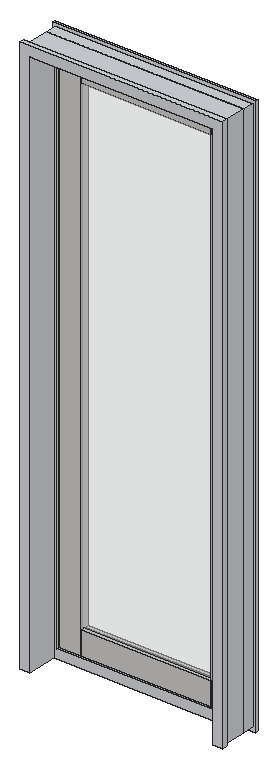
Revit family "APL Residential Thermal Heart Hinged Door Open In", category Doors, host Wall, Revit 2017 (continued)
Definition of nested family "APL Residential Thermal Heart Hinged Door Open In Horizontal Section"
  Definition of nested family "Open In Jamb"
    Definition of nested family "65300_Open In Frame"
      Lines and regions (mm)
        model lines, in view "Ref. Level"
          curve 272: arc (-1.163, -40.124, 0) -> (-0.507, -41.796, 0) -> (-0.924, -43.544, 0) r 3
          curve 273: arc (-0.924, -43.544, 0) -> (-0.93, -44.047, 0) -> (-0.495, -44.3, 0) r 0.5
          curve 274: arc (-0.2, -44.3, 0) -> (-0.059, -44.359, 0) -> (0, -44.5, 0) r 0.2
          curve 275: arc (0, -45.3, 0) -> (-0.059, -45.441, 0) -> (-0.2, -45.5, 0) r 0.2
          curve 276: arc (-6, -45.5, 0) -> (-6.707, -45.207, 0) -> (-7, -44.5, 0) r 1
          curve 277: arc (-7, -35.563, 0) -> (-7.281, -34.295, 0) -> (-8.072, -33.265, 0) r 3
          curve 278: arc (-14.428, -27.931, 0) -> (-15.219, -26.9, 0) -> (-15.5, -25.63, 0) r 3
          curve 279: arc (-13.102, -1.4, 0) -> (-13.808, -1.693, 0) -> (-14.1, -2.4, 0) r 1
          curve 280: arc (-14.1, -25.631, 0) -> (-13.951, -26.308, 0) -> (-13.528, -26.859, 0) r 1.6
          curve 281: arc (-7.044, -32.3, 0) -> (-6.701, -32.416, 0) -> (-6.369, -32.27, 0) r 0.5
          curve 282: arc (-1.693, -27.594, 0) -> (-1.476, -27.269, 0) -> (-1.4, -26.886, 0) r 1
          curve 283: arc (-1.4, -22.466, 0) -> (-1.503, -22.161, 0) -> (-1.77, -21.983, 0) r 0.5
          curve 284: arc (-1.77, -21.983, 0) -> (-2.037, -21.804, 0) -> (-2.14, -21.5, 0) r 0.5
          curve 285: arc (-2.14, -15, 0) -> (-1.88, -14.328, 0) -> (-1.236, -14.005, 0) r 1
          curve 286: arc (-1.236, -14.005, 0) -> (-1.107, -13.94, 0) -> (-1.055, -13.806, 0) r 0.2
          curve 287: arc (-1.055, -8.9, 0) -> (-1.201, -8.546, 0) -> (-1.555, -8.4, 0) r 0.5
          curve 288: arc (-2.5, -8.4, 0) -> (-3.617, -8.073, 0) -> (-4.1, -7.014, 0) r 1.4
          curve 289: arc (-4.1, -1.9, 0) -> (-4.246, -1.546, 0) -> (-4.6, -1.4, 0) r 0.5
          curve 290: line (-15.5, -25.63, 0) -> (-15.5, 27, 0)
          curve 291: line (-15, 27.5, 0) -> (-8.7, 27.5, 0)
          curve 292: line (-8.5, 27.3, 0) -> (-8.5, 26.1, 0)
          curve 293: line (-8.7, 25.9, 0) -> (-13.8, 25.9, 0)
          curve 294: line (-14, 25.7, 0) -> (-14, 22.6, 0)
          curve 295: line (-13.8, 22.4, 0) -> (-10.5, 22.4, 0)
          curve 296: line (-10.5, 22.4, 0) -> (-10.5, 23.15, 0)
          curve 297: line (-10.073, 23.327, 0) -> (-8.559, 21.812, 0)
          curve 298: line (-8.559, 21.812, 0) -> (-8.5, 19.1, 0)
          curve 299: line (-9.5, 19.7, 0) -> (-9.5, 20.8, 0)
          curve 300: line (-9.7, 21, 0) -> (-11.9, 21, 0)
          curve 301: line (-11.9, 21, 0) -> (-11.9, 20.4, 0)
          curve 302: line (-12.7, 20.4, 0) -> (-12.7, 21, 0)
          curve 303: line (-12.7, 21, 0) -> (-14, 21, 0)
          curve 304: line (-14, 21, 0) -> (-14, 7.5, 0)
          curve 305: line (-14, 7.5, 0) -> (-11.7, 7.5, 0)
          curve 306: line (-11.7, 7.5, 0) -> (-11.7, 8, 0)
          curve 307: line (-11.2, 8.5, 0) -> (-9.5, 8.5, 0)
          curve 308: line (-8.8, 7.1, 0) -> (-10.217, 7.1, 0)
          curve 309: line (-11.7, 6.1, 0) -> (-13.8, 6.1, 0)
          curve 310: line (-14, 5.9, 0) -> (-14, 1, 0)
          curve 311: line (-13, 0, 0) -> (-1.183, 0, 0)
          curve 312: line (-0.413, 0.268, 0) -> (0.997, 0.782, 0)
          curve 313: line (1.399, 0.474, 0) -> (1.192, -1.892, 0)
          curve 314: line (1.105, -2.078, 0) -> (0.741, -2.441, 0)
          curve 315: line (0.407, -2.352, 0) -> (0.362, -2.184, 0)
          curve 316: line (0.362, -2.184, 0) -> (-1.768, -1.51, 0)
          curve 317: line (-1.768, -1.51, 0) -> (-2, -1.5, 0)
          curve 318: line (-2.1, -2.247, 0) -> (-2.1, -5.475, 0)
          curve 319: line (-2.1, -5.475, 0) -> (-2.294, -6.25, 0)
          curve 320: line (-2.1, -6.5, 0) -> (-1.579, -6.5, 0)
          curve 321: line (-1.579, -6.5, 0) -> (-0.169, -5.691, 0)
          curve 322: line (0.395, -5.5, 0) -> (0.645, -5.5, 0)
          curve 323: line (0.845, -5.7, 0) -> (0.845, -13.8, 0)
          curve 324: line (1.045, -14, 0) -> (3.668, -14, 0)
          curve 325: line (3.856, -14.268, 0) -> (3.163, -16.171, 0)
          curve 326: line (2.694, -16.5, 0) -> (2.255, -16.5, 0)
          curve 327: line (1.691, -16.309, 0) -> (0.438, -15.544, 0)
          curve 328: line (0.438, -15.544, 0) -> (-0.24, -15.5, 0)
          curve 329: line (-0.434, -15.75, 0) -> (-0.246, -16.475, 0)
          curve 330: line (-0.246, -16.475, 0) -> (-0.24, -19.753, 0)
          curve 331: line (0.014, -20.5, 0) -> (2.081, -19.957, 0)
          curve 332: line (2.081, -19.957, 0) -> (2.267, -19.648, 0)
          curve 333: line (2.601, -19.559, 0) -> (2.965, -19.922, 0)
          curve 334: line (3.052, -20.108, 0) -> (3.259, -22.474, 0)
          curve 335: line (2.857, -22.782, 0) -> (1.447, -22.268, 0)
          curve 336: line (0.677, -22, 0) -> (0.2, -22, 0)
          curve 337: line (0, -22.2, 0) -> (0, -27.301, 0)
          curve 338: line (-0.41, -28.291, 0) -> (-5.407, -33.287, 0)
          curve 339: line (-5.7, -33.995, 0) -> (-5.7, -39.659, 0)
          curve 340: line (-0.495, -44.3, 0) -> (-0.2, -44.3, 0)
          curve 341: line (0, -44.5, 0) -> (0, -45.3, 0)
          curve 342: line (-0.2, -45.5, 0) -> (-6, -45.5, 0)
          curve 343: line (-7, -44.5, 0) -> (-7, -35.563, 0)
          curve 344: line (-8.072, -33.265, 0) -> (-14.428, -27.931, 0)
          curve 345: line (-14.1, -2.4, 0) -> (-14.1, -25.631, 0)
          curve 346: line (-13.528, -26.859, 0) -> (-7.044, -32.3, 0)
          curve 347: line (-6.369, -32.27, 0) -> (-1.693, -27.594, 0)
          curve 348: line (-1.4, -26.886, 0) -> (-1.4, -22.466, 0)
          curve 349: line (-2.14, -21.5, 0) -> (-2.14, -15, 0)
          curve 350: line (-1.055, -13.806, 0) -> (-1.055, -8.9, 0)
          curve 351: line (-1.555, -8.4, 0) -> (-2.5, -8.4, 0)
          curve 352: line (-4.1, -7.014, 0) -> (-4.1, -1.9, 0)
          curve 353: line (-4.6, -1.4, 0) -> (-13.102, -1.4, 0)
      Text (mm)
        text "65300" at (11.86, 30.704, 0), in view "Ref. Level"
Types (2, lengths in mm): name | Reveal Liner | Liner | Frame Projection Ext. | Architrave | 90° Opening
  Architrave | no | 51 | 13 | yes | no
  Liner | yes | 407 | 14.3 | no | yes
